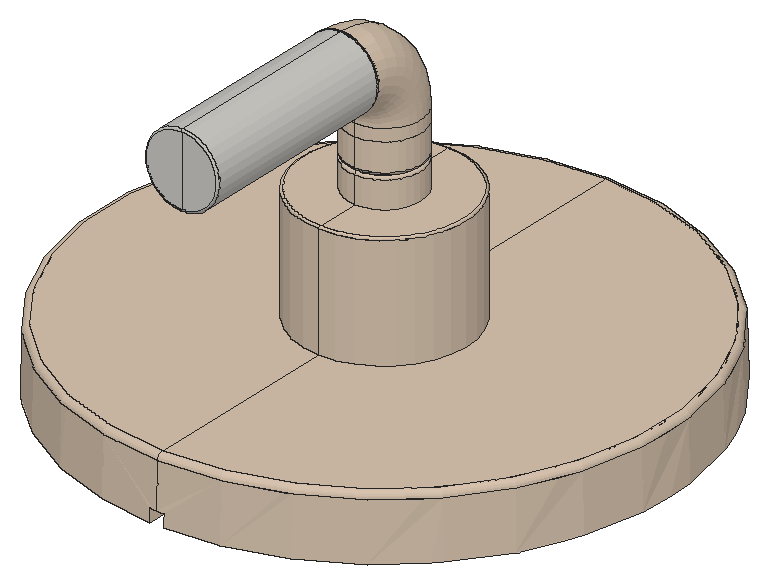
Revit family "Shower-Valve_Trim-KALLISTA-One-P32362", category Specialty Equipment, host Face, Revit 2021
Family settings
  Host = Face
  Round Connector Dimension = Use Diameter
  Part Type = Normal
  OmniClass Number = 23.31.25.00
  OmniClass Title = Toilet and Bath Specialties
  Cut with Voids When Loaded = No
  Shared = No
  Room Calculation Point = No
Parameters (values of type "BAF-Brushed French Gold")
  Width = 6 65/256"  # constant formula
  WaterSense Certified = 1 = 0  # no
  URL = "https://www.kallista.com/"
  Type = 1
  Secondary Finish = Kallista-Metal-AD-Nickel_Silver
  Product Page URL = ""
  Product Name = "One"  # constant formula
  Product Documentation Link = ""
  Model = if(Type = 1, "P32362-AD", if(Type = 2, "P32362-ULB", "NA"))  # "P32362-AD"
  Material = "Premium Metal Construction"  # constant formula
  Master Format 2014 Name = "Toilet, Bath, and Laundry Accessories"  # constant formula
  Master Format 2014 = "10 28 00"  # constant formula
  Manufacturer Address = "444 Highland Dr.Kohler, WI 53044"  # constant formula
  Manufacturer = "Kallista Co."  # constant formula
  Length = 3 191/256"  # constant formula
  Height = 6 65/256"  # constant formula
  Handle Clearance = 2 101/128"  # constant formula
  Finish = Kallista-Metal-BAF-Brushed_French_Gold
  Environmental Product Declaration = ""
  Description = "Grand Lux, Thermo Trim"  # constant formula
  Default Elevation = 42"
  Declare Label = ""
  Date Modified = "02/10/2023"  # constant formula
  Date Created = "02/10/2023"  # constant formula
  Copyright = "Copyright Kallista Co."  # constant formula
  Contact Us = "https://www.kallista.com/corporate/contact-us/"
  Assembly Code = "C1030200"
  ADA Compliant = 1 = 0  # no
Types (3): name | Type | Secondary Finish | Model | Finish
  (no name) | 1 | Kallista-Metal-AD-Nickel_Silver | "P32362-AD" | Kallista-Metal-BAF-Brushed_French_Gold
  BAF-Brushed French Gold | 1 | Kallista-Metal-AD-Nickel_Silver | "P32362-AD" | Kallista-Metal-BAF-Brushed_French_Gold
  SN-Polished Nickel | 2 | Kallista-Metal-ULB-Unlacquered_Brass | "P32362-ULB" | Kallista-Metal-SN-Polished_Nickel
Reference planes (in)
  plane 1 "Center (Front/Back)": y = 0
  plane 2: z = 0
  plane 3 "Center (Left/Right)": x = 0
  plane 4: y = -2.78906
  plane 5: y = 0.40157
  plane 6: x = -0.40354
  plane 7: y = 0.89961
  plane 8: y = -0.40157
  plane 9: y = -0.89961
  plane 10: x = -0.89961
  plane 11: x = 0.89961
  plane 12: x = 0.40354
  plane 13: z = 3.34449
  plane 14: z = 3.74609
  plane 15: z = 2.94094
  plane 16: z = 1.96063
  plane 17: z = 0.70079
  plane 18: x = -3.12598
  plane 19: y = 3.12598
  plane 20: x = 3.12792
  plane 21: y = -3.12792
Dimensions and locks (in)
  "Handle Clearance": plane 4 to plane 1 "Center (Front/Back)"
  level to plane 17 = 0.70079"
  plane 12 to plane 6 = 0.80709"
  "Length": level to plane 14
  plane 9 to plane 7 = 1.79921"
  "Width": plane 18 to plane 20
  "Height": plane 19 to plane 21
  plane 10 to plane 11 = 1.79921"  (x2)
  aligned and locked: plane 2 to host face
  aligned and locked: level to host face
  aligned and locked: plane 3 "Center (Left/Right)" to nested 1
  aligned and locked: plane 1 "Center (Front/Back)" to nested 1
Automatic sketch dimensions
  host sketch curve to host sketch curve = 96"  (x2)
Nested families (in)
  nested 1: "P32362" at (0, 0, 0), type "P32362"
Definition of nested family "P32362"
  Parameters
    Secondary Finish = none
    Material = none
    Default Elevation = 0"
  Reference planes (in)
    plane 1 "Center (Front/Back)": y = 0
    plane 2: z = 0
    plane 3 "Center (Left/Right)": x = 0
    plane 4: y = -2.7874
    plane 5: x = -0.40354
    plane 6: x = 0.40354
    plane 7: z = 3.74803
    plane 8: z = 2.94094
    plane 9: z = 3.34449
    plane 10: y = 0.89961
    plane 11: y = -0.89961
    plane 12: y = 0.40157
    plane 13: y = -0.40157
    plane 14: z = 0.70079
    plane 15: z = 1.96063
    plane 16: x = -0.89961
    plane 17: x = 0.89961
    plane 18: y = -0.58268
    plane 19: y = -1.83207
    plane 20: x = -3.12598
    plane 21: x = 3.12598
    plane 22: y = 3.12598
    plane 23: y = -3.12598
  Forms (in)
    Revolve 1, solid, material <- "Secondary Finish"
      sketch origin (0, 0, 0) x (0, 1, 0) y (0, 0, 1)
        loop
          line (-2.7874, 3.72835) -> (-2.7874, 3.34449) -> (-0.58268, 3.34449) -> (-0.58268, 3.72835)
          arc (-0.58268, 3.72835) -> (-0.58844, 3.74227) -> (-0.60236, 3.74803) r 0.01969
          line (-0.60236, 3.74803) -> (-2.76772, 3.74803)
          arc (-2.76772, 3.74803) -> (-2.78164, 3.74227) -> (-2.7874, 3.72835) r 0.01969
        axis (-0.58268, 3.34449) -> (-2.7874, 3.34449)
      angle from 0 to 360
    Revolve 2, solid, material <- "Material", detail levels medium+fine
      sketch origin (0, 0, 0) x (0, 1, 0) y (0, 0, 1)
        loop
          line (0, 2.62685) -> (0, 2.3) -> (0.38189, 2.3)
          arc (0.38189, 2.3) -> (0.39581, 2.30577) -> (0.40157, 2.31969) r 0.01969
          line (0.40157, 2.31969) -> (0.40157, 2.62685) -> (0, 2.62685)
        axis (0, 2.62685) -> (0, 2.3)
      angle from 0 to 360
    Sweep 3, solid, material <- "Material", detail levels medium+fine
      path origin (0, 0, 0) x (0, 1, 0) y (0, 0, 1)
        loop
          arc (-0.58268, 3.34449) -> (-0.17066, 3.17383) -> (0, 2.76181) r 0.58268
          line (0, 2.76181) -> (0, 2.62685)
      profile origin (0, 0, 2.69433) x (1, 0, 0) y (0, 1, 0)
        loop
          circle (0, 0) r 0.40157
    Revolve 4, solid, material <- "Material", detail levels medium+fine
      sketch origin (0, 0, 0) x (0, 1, 0) y (0, 0, 1)
        loop
          arc (0.89961, 1.93701) -> (0.89269, 1.95371) -> (0.87598, 1.96063) r 0.02362
          line (0.87598, 1.96063) -> (0.40157, 1.96063) -> (0.40157, 2.25244)
          arc (0.40157, 2.25244) -> (0.3935, 2.27193) -> (0.37402, 2.28) r 0.02756
          line (0.37402, 2.28) -> (0, 2.28) -> (0, 0) -> (3.12598, 0) -> (3.11497, 0.63116)
          arc (3.11497, 0.63116) -> (3.09378, 0.68047) -> (3.04411, 0.70079) r 0.07087
          line (3.04411, 0.70079) -> (0.89961, 0.70079) -> (0.89961, 1.93701)
        axis (0, 2.28) -> (0, 0)
      angle from 0 to 360
    Revolve 5, solid, material <- "Material", detail levels coarse
      sketch origin (0, 0, 0) x (0, 1, 0) y (0, 0, 1)
        loop
          arc (3.12598, 0.6811) -> (3.12022, 0.69502) -> (3.1063, 0.70079) r 0.01969
          line (3.1063, 0.70079) -> (0.89961, 0.70079) -> (0.89961, 1.94094)
          arc (0.89961, 1.94094) -> (0.89384, 1.95486) -> (0.87992, 1.96063) r 0.01969
          line (0.87992, 1.96063) -> (0.40157, 1.96063) -> (0.40157, 2.28) -> (0, 2.28) -> (0, 0) -> (3.12598, 0) -> (3.12598, 0.6811)
        axis (0, 2.28) -> (0, 0)
      angle from 0 to 360
    Sweep 6, solid, material <- "Material", detail levels coarse
      path origin (0, 0, 0) x (0, 1, 0) y (0, 0, 1)
        loop
          arc (-0.58268, 3.34449) -> (-0.17066, 3.17383) -> (0, 2.76181) r 0.58268
          line (0, 2.76181) -> (0, 2.3)
      profile origin (0, 0, 2.53091) x (1, 0, 0) y (0, 1, 0)
        loop
          circle (0, 0) r 0.40157
    Extrusion 7, void
      sketch origin (0, 0, 0) x (1, 0, 0) y (0, 0, 1)
        loop
          line (-0.08, 0) -> (0.08, 0) -> (0.08, 0.13993) -> (-0.08, 0.13993) -> (-0.08, 0)
      from 1.17515 to 3.75691
    Extrusion 8, solid
      sketch origin (0, 0, 0) x (1, 0, 0) y (0, 1, 0)
        loop
          circle (0, 0) r 0.3
      from 2.28 to 2.3
  Cuts and joins
    Extrusion 7 cuts Revolve 2
    Extrusion 7 cuts Sweep 3
    Extrusion 7 cuts Revolve 4
    joined: Revolve 2, Sweep 3, Revolve 4
    Extrusion 7 cuts Revolve 5
    joined: Revolve 5, Sweep 6
  Lines and regions (in)
    Masking region 1
      outline origin (0, 0, 0) x (0, 1, 0) y (0, 0, 1)
        loop
          arc (-0.40551, 2.76378) -> (-0.45024, 2.88145) -> (-0.56183, 2.93971) r 0.17717
          arc (-0.56183, 2.93971) -> (-0.57671, 2.94748) -> (-0.58268, 2.96317) r 0.02362
          arc (-0.58268, 2.96317) -> (-0.58752, 2.94763) -> (-0.60236, 2.94094) r 0.01983
          line (-0.60236, 2.94094) -> (-2.76772, 2.94094)
          arc (-2.76772, 2.94094) -> (-2.78164, 2.94671) -> (-2.7874, 2.96063) r 0.01969
          line (-2.7874, 2.96063) -> (-2.7874, 3.72835)
          arc (-2.7874, 3.72835) -> (-2.78164, 3.74227) -> (-2.76772, 3.74803) r 0.01969
          line (-2.76772, 3.74803) -> (-0.60236, 3.74803)
          arc (-0.60236, 3.74803) -> (-0.58844, 3.74227) -> (-0.58268, 3.72825) r 0.01969
          arc (-0.58268, 3.72825) -> (-0.57673, 3.74224) -> (-0.56259, 3.74783) r 0.01969
          arc (-0.56259, 3.74783) -> (0.12036, 3.45261) -> (0.40157, 2.76378) r 0.98425
          line (0.40157, 2.76378) -> (0.40157, 2.31969)
          arc (0.40157, 2.31969) -> (0.39581, 2.30577) -> (0.38189, 2.3) r 0.01969
          line (0.38189, 2.3) -> (0.3, 2.3) -> (0.26536, 2.28) -> (0.37402, 2.28)
          arc (0.37402, 2.28) -> (0.3935, 2.27193) -> (0.40157, 2.25244) r 0.02756
          line (0.40157, 2.25244) -> (0.40157, 1.96063) -> (0.86811, 1.96063)
          arc (0.86811, 1.96063) -> (0.89038, 1.9514) -> (0.89961, 1.92913) r 0.0315
          line (0.89961, 1.92913) -> (0.89961, 0.70079) -> (3.04411, 0.70079)
          arc (3.04411, 0.70079) -> (3.09378, 0.68047) -> (3.11497, 0.63116) r 0.07087
          line (3.11497, 0.63116) -> (3.12598, 0) -> (-3.12598, 0) -> (-3.11497, 0.63116)
          arc (-3.11497, 0.63116) -> (-3.09378, 0.68047) -> (-3.04411, 0.70079) r 0.07087
          line (-3.04411, 0.70079) -> (-0.89961, 0.70079) -> (-0.89961, 1.92913)
          arc (-0.89961, 1.92913) -> (-0.89038, 1.9514) -> (-0.86811, 1.96063) r 0.0315
          line (-0.86811, 1.96063) -> (-0.40157, 1.96063) -> (-0.40157, 2.25244)
          arc (-0.40157, 2.25244) -> (-0.3935, 2.27193) -> (-0.37402, 2.28) r 0.02756
          line (-0.37402, 2.28) -> (-0.26536, 2.28) -> (-0.3, 2.3) -> (-0.38189, 2.3)
          arc (-0.38189, 2.3) -> (-0.39581, 2.30577) -> (-0.40157, 2.31969) r 0.01969
          line (-0.40157, 2.31969) -> (-0.40157, 2.76378)
    Masking region 2
      outline origin (0, 0, 0) x (1, 0, 0) y (0, 0, 1)
        loop
          arc (-3.04411, 0.70079) -> (-3.09378, 0.68047) -> (-3.11497, 0.63116) r 0.07087
          line (-3.11497, 0.63116) -> (-3.12598, 0) -> (3.12598, 0) -> (3.11497, 0.63116)
          arc (3.11497, 0.63116) -> (3.09378, 0.68047) -> (3.04411, 0.70079) r 0.07087
          line (3.04411, 0.70079) -> (0.89961, 0.70079) -> (0.89961, 1.92913)
          arc (0.89961, 1.92913) -> (0.89038, 1.9514) -> (0.86811, 1.96063) r 0.0315
          line (0.86811, 1.96063) -> (0.40157, 1.96063) -> (0.40157, 2.2485)
          arc (0.40157, 2.2485) -> (0.39235, 2.27078) -> (0.37008, 2.28) r 0.0315
          line (0.37008, 2.28) -> (0.3, 2.28) -> (0.27144, 2.3) -> (0.38386, 2.3)
          arc (0.38386, 2.3) -> (0.39778, 2.30577) -> (0.40354, 2.31969) r 0.01969
          line (0.40354, 2.31969) -> (0.40354, 3.34449)
          arc (0.40354, 3.34449) -> (0, 3.74803) -> (-0.40354, 3.34449) r 0.40354
          line (-0.40354, 3.34449) -> (-0.40354, 2.31969)
          arc (-0.40354, 2.31969) -> (-0.39778, 2.30577) -> (-0.38386, 2.3) r 0.01969
          line (-0.38386, 2.3) -> (-0.27144, 2.3) -> (-0.3, 2.28) -> (-0.37008, 2.28)
          arc (-0.37008, 2.28) -> (-0.39235, 2.27078) -> (-0.40157, 2.2485) r 0.0315
          line (-0.40157, 2.2485) -> (-0.40157, 1.96063) -> (-0.86811, 1.96063)
          arc (-0.86811, 1.96063) -> (-0.89038, 1.9514) -> (-0.89961, 1.92913) r 0.0315
          line (-0.89961, 1.92913) -> (-0.89961, 0.70079) -> (-3.04411, 0.70079)
    Masking region 3
      outline origin (0, 0, 0) x (1, 0, 0) y (0, 1, 0)
        loop
          circle (0, 0) r 3.12598
    symbolic lines, detail levels medium+fine
      curve 1: line (-0.40354, 0, 2.31969) -> (0.40354, 0, 2.31969)
      curve 2: line (-0.27144, 0, 2.3) -> (0.27144, 0, 2.3)
      curve 3: line (0.3, 0, 2.28) -> (-0.3, 0, 2.28)
      curve 4: line (-0.40157, 0, 2.2485) -> (0.40157, 0, 2.2485)
      curve 5: line (-0.40157, 0, 1.96063) -> (0.40157, 0, 1.96063)
      curve 6: line (-0.89961, 0, 1.92913) -> (0.89961, 0, 1.92913)
      curve 7: line (-0.89961, 0, 0.70079) -> (0.89961, 0, 0.70079)
      curve 8: line (-3.11497, 0, 0.63116) -> (3.11497, 0, 0.63116)
      curve 9: line (0, 3.11497, 0.63116) -> (0, -3.11497, 0.63116)
      curve 10: line (0, 0.89961, 0.70079) -> (0, -0.89961, 0.70079)
      curve 11: line (0, 0.89961, 1.92913) -> (0, -0.89961, 1.92913)
      curve 12: line (0, 0.40157, 1.96063) -> (0, -0.40157, 1.96063)
      curve 13: line (0, 0.40157, 2.25244) -> (0, -0.40157, 2.25244)
      curve 14: line (0, 0.26536, 2.28) -> (0, -0.26536, 2.28)
      curve 15: line (0, 0.3, 2.3) -> (0, -0.3, 2.3)
      curve 16: line (0, 0.40157, 2.31969) -> (0, -0.40157, 2.31969)
      curve 17: line (0, -0.56259, 3.74783) -> (0, -0.56259, 2.9398)
      curve 18: line (0, -0.58268, 3.72835) -> (0, -0.58268, 2.96317)
      curve 19: line (0, -0.60236, 3.74803) -> (0, -0.60236, 2.94094)
      curve 20: line (0, -2.76772, 3.74803) -> (0, -2.76772, 2.94094)
      curve 21: arc (0.40354, 0, 0) -> (0, 0.40354, 0) -> (-0.40354, 0, 0) r 0.40354
      curve 22: line (0.37265, -0.58268, 0) -> (-0.37265, -0.58268, 0)
      curve 23: arc (0.40354, -0.80402, 0) -> (0, 0.89961, 0) -> (-0.40354, -0.80402, 0) r 0.89961
      curve 24: line (-0.40354, -2.76772, 0) -> (-0.40354, -0.61357, 0)
      curve 25: line (0.40354, -2.76772, 0) -> (0.40354, -0.61357, 0)
      curve 26: line (-0.40354, -2.76772, 0) -> (0.40354, -2.76772, 0)
      curve 27: arc (0.40354, -0.77146, 0) -> (0, 0.87063, 0) -> (-0.40354, -0.77146, 0) r 0.87063
      curve 28: arc (-0.37265, -0.58268, 0) -> (-0.39449, -0.59173, 0) -> (-0.40354, -0.61357, 0) r 0.0309
      curve 29: arc (-0.37265, -0.58268, 0) -> (-0.39449, -0.57363, 0) -> (-0.40354, -0.55178, 0) r 0.0309
      curve 30: line (-0.40354, -0.55178, 0) -> (-0.40354, 0, 0)
      curve 31: arc (0.37265, -0.58268, 0) -> (0.39449, -0.59173, 0) -> (0.40354, -0.61357, 0) r 0.0309
      curve 32: arc (0.37265, -0.58268, 0) -> (0.39449, -0.57363, 0) -> (0.40354, -0.55178, 0) r 0.0309
      curve 33: line (0.40354, -0.55178, 0) -> (0.40354, 0, 0)
      curve 34: line (-0.40354, -0.55178, 0) -> (0.40354, -0.55178, 0)
      curve 35: line (-0.40354, -0.61357, 0) -> (0.40354, -0.61357, 0)
      curve 36: circle (0, 0, 0) r 3.04302 normal (0, 0, 1)
      curve 37: line (0.38386, -2.7874, 0) -> (-0.38386, -2.7874, 0)
      curve 38: arc (-0.38386, -2.7874, 0) -> (-0.39778, -2.78164, 0) -> (-0.40354, -2.76772, 0) r 0.01969
      curve 39: arc (0.38386, -2.7874, 0) -> (0.39778, -2.78164, 0) -> (0.40354, -2.76772, 0) r 0.01969
  Dimensions and locks (in)
    plane 1 "Center (Front/Back)" to plane 4 = 2.7874"
    plane 7 to level = 3.74803"  (x2)
    plane 7 to plane 8 = 0.80709"
    plane 12 to plane 13 = 0.80315"
    plane 14 to level = 0.70079"  (x2)
    plane 17 to plane 16 = 1.79921"
    plane 20 to plane 21 = 6.25197"
    plane 23 to plane 22 = 6.25197"
    plane 4 to plane 1 "Center (Front/Back)" = 2.7874"
    plane 4 to plane 12 = 3.18898"
    plane 11 to plane 10 = 1.79921"  (x2)
    plane 5 to plane 6 = 0.80709"
    aligned and locked: plane 2 to level
